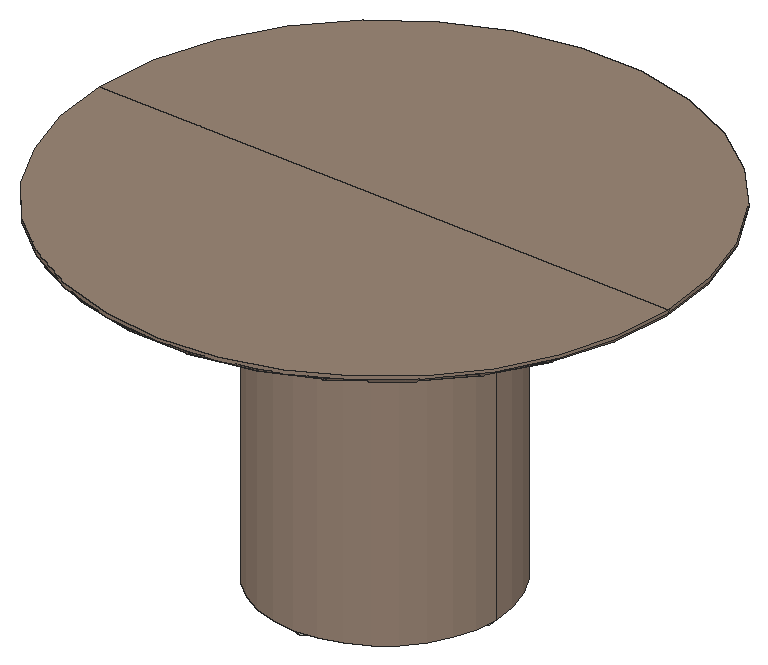
Revit family "Table-Teknion-CFRBKD_Figure_Table_Round_Drum_Base_Butter_Knife_Edge-R2023", category Furniture, Revit 2023 (continued)
Definition of nested family "7 Inch Compact Recessed Access Door"
  Forms (in)
    SweptBlend 7, solid, material <- "Finish"
      profile origin (1350, -150, 28.30172) x (-1, 0, 0) y (0, -1, 0)
        loop
          line (-2.98819, -2.60628) -> (2.98819, -2.60628)
          arc (2.98819, -2.60628) -> (3.21645, -2.51173) -> (3.311, -2.28346) r 0.32281
          line (3.311, -2.28346) -> (3.311, 2.28346)
          arc (3.311, 2.28346) -> (3.21645, 2.51173) -> (2.98819, 2.60628) r 0.32281
      end profile origin (1350, -150, 29.06) x (-1, 0, 0) y (0, -1, 0)
        loop
          line (2.98819, 2.64602) -> (-2.98819, 2.64602)
          arc (-2.98819, 2.64602) -> (-3.24455, 2.53983) -> (-3.35074, 2.28346) r 0.36255
          line (-3.35074, 2.28346) -> (-3.35074, -2.28346)
          arc (-3.35074, -2.28346) -> (-3.24455, -2.53983) -> (-2.98819, -2.64602) r 0.36255
          line (-2.98819, -2.64602) -> (2.98819, -2.64602)
          arc (2.98819, -2.64602) -> (3.24455, -2.53983) -> (3.35074, -2.28346) r 0.36255
          line (3.35074, -2.28346) -> (3.35074, 2.28346)
          arc (3.35074, 2.28346) -> (3.24455, 2.53983) -> (2.98819, 2.64602) r 0.36255
    SweptBlend 8, void
      path origin (0, -150, 0) x (1, 0, 0) y (0, 0, 1)
        loop
          line (1350, 28.30172) -> (1350, 29.13087)
      profile origin (1350, -150, 28.30172) x (-1, 0, 0) y (0, -1, 0)
        loop
          arc (-2.98819, 2.51573) -> (-3.15242, 2.4477) -> (-3.22045, 2.28346) r 0.23226
          line (-3.22045, 2.28346) -> (-3.22045, -2.28346)
          arc (-3.22045, -2.28346) -> (-3.15242, -2.4477) -> (-2.98819, -2.51573) r 0.23226
          line (-2.98819, -2.51573) -> (2.98819, -2.51573)
          arc (2.98819, -2.51573) -> (3.15242, -2.4477) -> (3.22045, -2.28346) r 0.23226
          line (3.22045, -2.28346) -> (3.22045, 2.28346)
          arc (3.22045, 2.28346) -> (3.15242, 2.4477) -> (2.98819, 2.51573) r 0.23226
          line (2.98819, 2.51573) -> (-2.98819, 2.51573)
      end profile origin (1350, -150, 29.13087) x (-1, 0, 0) y (0, -1, 0)
        loop
          arc (3.26378, 2.28346) -> (3.18306, 2.47834) -> (2.98819, 2.55906) r 0.27559
          line (2.98819, 2.55906) -> (-2.98819, 2.55906)
          arc (-2.98819, 2.55906) -> (-3.18306, 2.47834) -> (-3.26378, 2.28346) r 0.27559
          line (-3.26378, 2.28346) -> (-3.26378, -2.28346)
          arc (-3.26378, -2.28346) -> (-3.18306, -2.47834) -> (-2.98819, -2.55906) r 0.27559
          line (-2.98819, -2.55906) -> (2.98819, -2.55906)
          arc (2.98819, -2.55906) -> (3.18306, -2.47834) -> (3.26378, -2.28346) r 0.27559
          line (3.26378, -2.28346) -> (3.26378, 2.28346)
    Sweep 9, solid, material <- "Finish"
      path origin (0, -150, 0) x (1, 0, 0) y (0, 0, 1)
        loop
          line (1350, 29.13087) -> (1350, 29.06)
      profile origin (1350, -150, 29.09543) x (0, -1, 0) y (1, 0, 0)
        loop
          arc (-2.80315, -3.04331) -> (-2.66708, -3.37181) -> (-2.33858, -3.50787) r 0.46457
          line (-2.33858, -3.50787) -> (2.33858, -3.50787)
          arc (2.33858, -3.50787) -> (2.66708, -3.37181) -> (2.80315, -3.04331) r 0.46457
          line (2.80315, -3.04331) -> (2.80315, 3.04331)
          arc (2.80315, 3.04331) -> (2.66708, 3.37181) -> (2.33858, 3.50787) r 0.46457
          line (2.33858, 3.50787) -> (-2.33858, 3.50787)
          arc (-2.33858, 3.50787) -> (-2.66708, 3.37181) -> (-2.80315, 3.04331) r 0.46457
          line (-2.80315, 3.04331) -> (-2.80315, -3.04331)
        loop
          arc (-2.55535, -2.98819) -> (-2.47572, -3.18044) -> (-2.28346, -3.26008) r 0.27189
          line (-2.28346, -3.26008) -> (2.28346, -3.26008)
          arc (2.28346, -3.26008) -> (2.47572, -3.18044) -> (2.55535, -2.98819) r 0.27189
          line (2.55535, -2.98819) -> (2.55535, 2.98819)
          arc (2.55535, 2.98819) -> (2.47572, 3.18044) -> (2.28346, 3.26008) r 0.27189
          line (2.28346, 3.26008) -> (-2.28346, 3.26008)
          arc (-2.28346, 3.26008) -> (-2.47572, 3.18044) -> (-2.55535, 2.98819) r 0.27189
          line (-2.55535, 2.98819) -> (-2.55535, -2.98819)
    Sweep 10, solid, material <- "Finish"
      path origin (0, 0, 0) x (1, 0, 0) y (0, 1, 0)
        loop
          line (1347.02362, -150) -> (1346.71891, -150)
      profile origin (1346.87127, -150, 0) x (0, -1, 0) y (0, 0, 1)
        loop
          line (-1.55173, 28.30409) -> (-1.47299, 28.30409) -> (-1.47161, 28.34346) -> (1.47161, 28.34346) -> (1.47299, 28.30409) -> (1.55173, 28.30409) -> (1.53742, 28.71391)
          arc (1.53742, 28.71391) -> (1.46543, 28.87559) -> (1.30134, 28.94189) r 0.23622
          line (1.30134, 28.94189) -> (-1.30134, 28.94189)
          arc (-1.30134, 28.94189) -> (-1.46543, 28.87559) -> (-1.53742, 28.71391) r 0.23622
          line (-1.53742, 28.71391) -> (-1.55173, 28.30409)
    Sweep 11, solid, material <- "Finish"
      path origin (2700, 0, 0) x (-1, 0, 0) y (0, -1, 0)
        loop
          line (1347.02362, 150) -> (1346.71891, 150)
      profile origin (1353.12873, -150, 0) x (0, 1, 0) y (0, 0, 1)
        loop
          line (1.55173, 28.30409) -> (1.53742, 28.71391)
          arc (1.53742, 28.71391) -> (1.46543, 28.87559) -> (1.30134, 28.94189) r 0.23622
          line (1.30134, 28.94189) -> (-1.30134, 28.94189)
          arc (-1.30134, 28.94189) -> (-1.46543, 28.87559) -> (-1.53742, 28.71391) r 0.23622
          line (-1.53742, 28.71391) -> (-1.55173, 28.30409) -> (-1.47299, 28.30409) -> (-1.47161, 28.34346) -> (1.47161, 28.34346) -> (1.47299, 28.30409) -> (1.55173, 28.30409)
    Sweep 12, void
      path origin (0, 0, 0) x (1, 0, 0) y (0, 1, 0)
        loop
          line (1346.93307, -150) -> (1353.06693, -150)
      profile origin (1350, -150, 0) x (0, 1, 0) y (0, 0, 1)
        loop
          line (0.17902, 28.53406) -> (0.19327, 28.94189) -> (-0.19327, 28.94189) -> (-0.17902, 28.53406)
          arc (-0.17902, 28.53406) -> (0, 28.36118) -> (0.17902, 28.53406) r 0.17913
  Cuts and joins
    joined: Sweep 1, Sweep 2, Sweep 3
    SweptBlend 8 cuts SweptBlend 7
    joined: Sweep 6, SweptBlend 7, Sweep 9
    Sweep 12 cuts Sweep 10
    Sweep 12 cuts Sweep 11
  Lines and regions (in)
    Masking region 1
      outline origin (0, 0, 0) x (1, 0, 0) y (0, 1, 0)
        loop
          line (1353.04331, -147.19685) -> (1346.95669, -147.19685)
          arc (1346.95669, -147.19685) -> (1346.62819, -147.33292) -> (1346.49213, -147.66142) r 0.46457
          line (1346.49213, -147.66142) -> (1346.49213, -152.33858)
          arc (1346.49213, -152.33858) -> (1346.62819, -152.66708) -> (1346.95669, -152.80315) r 0.46457
          line (1346.95669, -152.80315) -> (1353.04331, -152.80315)
          arc (1353.04331, -152.80315) -> (1353.37181, -152.66708) -> (1353.50787, -152.33858) r 0.46457
          line (1353.50787, -152.33858) -> (1353.50787, -147.66142)
          arc (1353.50787, -147.66142) -> (1353.37181, -147.33292) -> (1353.04331, -147.19685) r 0.46457
        loop
          line (1346.77955, -148.44827) -> (1346.85163, -148.44827) -> (1346.85163, -148.14961)
          arc (1346.85163, -148.14961) -> (1346.88586, -148.06696) -> (1346.9685, -148.03273) r 0.11687
          line (1346.9685, -148.03273) -> (1353.0315, -148.03273)
          arc (1353.0315, -148.03273) -> (1353.11414, -148.06696) -> (1353.14837, -148.14961) r 0.11687
          line (1353.14837, -148.14961) -> (1353.14837, -148.44827) -> (1353.22045, -148.44827) -> (1353.22045, -147.71654)
          arc (1353.22045, -147.71654) -> (1353.15242, -147.5523) -> (1352.98819, -147.48427) r 0.23226
          line (1352.98819, -147.48427) -> (1347.01181, -147.48427)
          arc (1347.01181, -147.48427) -> (1346.84758, -147.5523) -> (1346.77955, -147.71654) r 0.23226
          line (1346.77955, -147.71654) -> (1346.77955, -148.44827)
        loop
          line (1346.77955, -151.55173) -> (1346.77955, -152.28346)
          arc (1346.77955, -152.28346) -> (1346.84758, -152.4477) -> (1347.01181, -152.51573) r 0.23226
          line (1347.01181, -152.51573) -> (1352.98819, -152.51573)
          arc (1352.98819, -152.51573) -> (1353.15242, -152.4477) -> (1353.22045, -152.28346) r 0.23226
          line (1353.22045, -152.28346) -> (1353.22045, -151.55173) -> (1353.14837, -151.55173) -> (1353.14837, -151.85039)
          arc (1353.14837, -151.85039) -> (1353.11414, -151.93304) -> (1353.0315, -151.96727) r 0.11687
          line (1353.0315, -151.96727) -> (1346.9685, -151.96727)
          arc (1346.9685, -151.96727) -> (1346.88586, -151.93304) -> (1346.85163, -151.85039) r 0.11687
          line (1346.85163, -151.85039) -> (1346.85163, -151.55173) -> (1346.77955, -151.55173)
    symbolic lines
      curve 1: line (1346.73992, -152.28346, 0) -> (1346.73992, -147.71654, 0)
      curve 2: line (1347.01181, -147.44465, 0) -> (1352.98819, -147.44465, 0)
      curve 3: arc (1346.73992, -147.71654, 0) -> (1346.81956, -147.52428, 0) -> (1347.01181, -147.44465, 0) r 0.27189
      curve 4: line (1353.26008, -147.71654, 0) -> (1353.26008, -152.28346, 0)
      curve 5: arc (1352.98819, -147.44465, 0) -> (1353.18044, -147.52428, 0) -> (1353.26008, -147.71654, 0) r 0.27189
      curve 6: line (1352.98819, -152.55535, 0) -> (1347.01181, -152.55535, 0)
      curve 7: arc (1353.26008, -152.28346, 0) -> (1353.18044, -152.47572, 0) -> (1352.98819, -152.55535, 0) r 0.27189
      curve 8: arc (1347.01181, -152.55535, 0) -> (1346.81956, -152.47572, 0) -> (1346.73992, -152.28346, 0) r 0.27189
      curve 9: line (1346.85163, -148.14961, 0) -> (1346.85163, -151.85039, 0)
      curve 10: line (1353.14837, -151.85039, 0) -> (1353.14837, -148.14961, 0)
      curve 11: line (1346.77955, -147.71654, 0) -> (1346.77955, -152.28346, 0)
      curve 12: line (1353.22045, -147.71654, 0) -> (1353.22045, -152.28346, 0)
      curve 47: line (1346.85163, -148.14961, 0) -> (1346.85163, -151.85039, 0)
      curve 48: line (1353.0315, -148.03273, 0) -> (1346.9685, -148.03273, 0)
      curve 49: arc (1346.9685, -148.03273, 0) -> (1346.88586, -148.06696, 0) -> (1346.85163, -148.14961, 0) r 0.11687
      curve 50: line (1353.14837, -151.85039, 0) -> (1353.14837, -148.14961, 0)
      curve 51: arc (1353.14837, -148.14961, 0) -> (1353.11414, -148.06696, 0) -> (1353.0315, -148.03273, 0) r 0.11687
      curve 52: line (1346.9685, -151.96727, 0) -> (1353.0315, -151.96727, 0)
      curve 53: arc (1353.0315, -151.96727, 0) -> (1353.11414, -151.93304, 0) -> (1353.14837, -151.85039, 0) r 0.11687
      curve 54: arc (1346.85163, -151.85039, 0) -> (1346.88586, -151.93304, 0) -> (1346.9685, -151.96727, 0) r 0.11687
      curve 55: line (1346.77955, -152.28346, 0) -> (1346.77955, -151.55173, 0)
      curve 56: line (1352.98819, -152.51573, 0) -> (1347.01181, -152.51573, 0)
      curve 57: arc (1347.01181, -152.51573, 0) -> (1346.84758, -152.4477, 0) -> (1346.77955, -152.28346, 0) r 0.23226
      curve 58: line (1353.22045, -151.55173, 0) -> (1353.22045, -152.28346, 0)
      curve 59: arc (1353.22045, -152.28346, 0) -> (1353.15242, -152.4477, 0) -> (1352.98819, -152.51573, 0) r 0.23226
      curve 60: line (1346.77955, -148.44827, 0) -> (1346.77955, -147.71654, 0)
      curve 61: line (1347.01181, -147.48427, 0) -> (1352.98819, -147.48427, 0)
      curve 62: arc (1346.77955, -147.71654, 0) -> (1346.84758, -147.5523, 0) -> (1347.01181, -147.48427, 0) r 0.23226
      curve 63: line (1353.22045, -147.71654, 0) -> (1353.22045, -148.44827, 0)
      curve 64: arc (1352.98819, -147.48427, 0) -> (1353.15242, -147.5523, 0) -> (1353.22045, -147.71654, 0) r 0.23226
      curve 65: line (1353.04331, -147.19685, 0) -> (1346.95669, -147.19685, 0)
      curve 66: arc (1346.95669, -147.19685, 0) -> (1346.62819, -147.33292, 0) -> (1346.49213, -147.66142, 0) r 0.46457
      curve 67: line (1346.49213, -147.66142, 0) -> (1346.49213, -152.33858, 0)
      curve 68: arc (1346.49213, -152.33858, 0) -> (1346.62819, -152.66708, 0) -> (1346.95669, -152.80315, 0) r 0.46457
      curve 69: line (1346.95669, -152.80315, 0) -> (1353.04331, -152.80315, 0)
      curve 70: arc (1353.04331, -152.80315, 0) -> (1353.37181, -152.66708, 0) -> (1353.50787, -152.33858, 0) r 0.46457
      curve 71: line (1353.50787, -152.33858, 0) -> (1353.50787, -147.66142, 0)
      curve 72: arc (1353.50787, -147.66142, 0) -> (1353.37181, -147.33292, 0) -> (1353.04331, -147.19685, 0) r 0.46457
    symbolic lines, detail levels medium+fine
      curve 13: line (1347.54528, -150.97283, 0) -> (1348.02559, -150.97283, 0)
      curve 14: line (1348.02559, -150.97283, 0) -> (1348.02559, -151.5626, 0)
      curve 15: line (1348.02559, -151.5626, 0) -> (1347.54528, -151.5626, 0)
      curve 16: line (1347.54528, -151.5626, 0) -> (1347.54528, -150.97283, 0)
      curve 17: line (1351.97441, -148.4374, 0) -> (1352.45472, -148.4374, 0)
      curve 18: line (1351.97441, -149.02717, 0) -> (1351.97441, -148.4374, 0)
      curve 19: line (1352.45472, -149.02717, 0) -> (1351.97441, -149.02717, 0)
      curve 20: line (1352.45472, -148.4374, 0) -> (1352.45472, -149.02717, 0)
      curve 21: line (1347.05512, -148.44685, 0) -> (1347.47244, -148.44685, 0)
      curve 22: line (1347.05512, -151.55315, 0) -> (1347.05512, -148.44685, 0)
      curve 23: line (1347.47244, -151.55315, 0) -> (1347.05512, -151.55315, 0)
      curve 24: line (1347.47244, -148.44685, 0) -> (1347.47244, -151.55315, 0)
      curve 25: line (1347.02362, -151.55173, 0) -> (1346.73992, -151.55173, 0)
      curve 26: line (1347.02362, -151.55173, 0) -> (1347.02362, -148.44827, 0)
      curve 27: line (1347.02362, -148.44827, 0) -> (1346.73992, -148.44827, 0)
      curve 28: line (1346.77955, -148.55314, 0) -> (1347.41732, -148.55314, 0)
      curve 29: line (1347.41732, -148.55314, 0) -> (1347.41732, -151.44686, 0)
      curve 30: line (1347.41732, -151.44686, 0) -> (1346.77955, -151.44686, 0)
      curve 31: line (1347.02362, -149.80673, 0) -> (1346.93307, -149.80673, 0)
      curve 32: line (1346.93307, -149.80673, 0) -> (1346.93307, -150.19327, 0)
      curve 33: line (1346.93307, -150.19327, 0) -> (1347.02362, -150.19327, 0)
      curve 34: line (1352.94488, -148.44685, 0) -> (1352.52756, -148.44685, 0)
      curve 35: line (1352.94488, -151.55315, 0) -> (1352.94488, -148.44685, 0)
      curve 36: line (1352.52756, -151.55315, 0) -> (1352.94488, -151.55315, 0)
      curve 37: line (1352.52756, -148.44685, 0) -> (1352.52756, -151.55315, 0)
      curve 38: line (1352.97638, -151.55173, 0) -> (1353.26008, -151.55173, 0)
      curve 39: line (1352.97638, -151.55173, 0) -> (1352.97638, -148.44827, 0)
      curve 40: line (1352.97638, -148.44827, 0) -> (1353.26008, -148.44827, 0)
      curve 41: line (1353.22045, -148.55314, 0) -> (1352.58268, -148.55314, 0)
      curve 42: line (1352.58268, -148.55314, 0) -> (1352.58268, -151.44686, 0)
      curve 43: line (1352.58268, -151.44686, 0) -> (1353.22045, -151.44686, 0)
      curve 44: line (1352.97638, -149.80673, 0) -> (1353.06693, -149.80673, 0)
      curve 45: line (1353.06693, -149.80673, 0) -> (1353.06693, -150.19327, 0)
      curve 46: line (1353.06693, -150.19327, 0) -> (1352.97638, -150.19327, 0)
  Dimensions and locks (in)
    plane 4 "Left" to plane 5 "Right" = 7.01575"
    plane 6 "Back" to plane 7 "Front" = 5.6063"
    locked: plane 8 "Top" to level at 29.06
    equal spacing: plane 7 "Front", plane 1 "Center Front/Back", plane 6 "Back"
    equal spacing: plane 4 "Left", plane 3 "Center Left/Right", plane 5 "Right"
    plane 9 to plane 8 "Top" to plane 10 = 0.07087" locked, 1.50394" locked
    aligned and locked: level to plane 2
    aligned and locked: Sweep 6 sketch curve to plane 3 "Center Left/Right"
    aligned and locked: plane 3 "Center Left/Right" to SweptBlend 8 sketch curve
    aligned and locked: Sweep 10 sketch curve to plane 1 "Center Front/Back"
  Automatic sketch dimensions
    Sweep 1 sketch curve to plane 3 "Center Left/Right" = 0.000"
    Sweep 1 sketch curve to plane 8 "Top" = 0.12598"
    plane 8 "Top" to Sweep 1 sketch curve = 0.0315"
    Sweep 1 sketch curve to plane 1 "Center Front/Back" = 1.96727"
    Sweep 1 sketch curve to Sweep 1 sketch curve = 0.11687"  (x3)
    plane 1 "Center Front/Back" to Sweep 1 sketch curve = 1.85039"  (x2)
    profile plane to Sweep 1 sketch curve = 3.14837"
    Sweep 1 sketch curve to profile plane = 3.0315"
    plane 4 "Left" to Sweep 2 sketch curve = 1.05315"
    plane 1 "Center Front/Back" to Sweep 2 sketch curve = 0.97077"
    Sweep 2 sketch curve to Sweep 2 sketch curve = 0.48031"
    Sweep 2 sketch curve to profile plane = 0.000"
    profile plane to Sweep 2 sketch curve = 0.01169"
    Sweep 2 sketch curve to Sweep 2 sketch curve = 0.28526"
    Sweep 2 sketch curve to Sweep 2 sketch curve = 0.01169"
    level to Sweep 2 sketch curve = 28.65831"
    Sweep 2 sketch curve to Sweep 2 sketch curve = 0.33476"
    plane 5 "Right" to Sweep 3 sketch curve = 1.53346"
    Sweep 3 sketch curve to plane 6 "Back" = 1.23848"
    Sweep 3 sketch curve to Sweep 3 sketch curve = 0.48031"
    Sweep 3 sketch curve to profile plane = 0.000"
    profile plane to Sweep 3 sketch curve = 0.01169"
    Sweep 3 sketch curve to Sweep 3 sketch curve = 0.28526"
    Sweep 3 sketch curve to Sweep 3 sketch curve = 0.01169"
    level to Sweep 3 sketch curve = 28.65831"
    Sweep 3 sketch curve to Sweep 3 sketch curve = 0.33476"
    plane 1 "Center Front/Back" to Sweep 4 sketch curve = 0.000"
    plane 4 "Left" to Sweep 4 sketch curve = 0.56299"
    Sweep 4 sketch curve to Sweep 4 sketch curve = 0.41732"
    Sweep 4 sketch curve to Sweep 4 sketch curve = 0.000"  (x4)
    profile plane to Sweep 4 sketch curve = 1.26772"
    Sweep 4 sketch curve to profile plane = 1.26772"
    level to Sweep 4 sketch curve = 28.38283"
    Sweep 4 sketch curve to Sweep 4 sketch curve = 0.28543"
    plane 1 "Center Front/Back" to Sweep 5 sketch curve = 0.000"
    plane 5 "Right" to Sweep 5 sketch curve = 0.56299"
    Sweep 5 sketch curve to Sweep 5 sketch curve = 0.41732"
    Sweep 5 sketch curve to Sweep 5 sketch curve = 0.000"  (x4)
    profile plane to Sweep 5 sketch curve = 1.26772"
    Sweep 5 sketch curve to profile plane = 1.26772"
    level to Sweep 5 sketch curve = 28.38283"
    Sweep 5 sketch curve to Sweep 5 sketch curve = 0.28543"
    Sweep 6 sketch curve to plane 10 = 0.000"
    Sweep 6 sketch curve to Sweep 6 sketch curve = 0.74566"
    Sweep 6 sketch curve to Sweep 6 sketch curve = 0.000"  (x8)
    Sweep 6 sketch curve to plane 1 "Center Front/Back" = 2.60628"
    Sweep 6 sketch curve to Sweep 6 sketch curve = 0.09055"  (x2)
    Sweep 6 sketch curve to Sweep 6 sketch curve = 0.23226"  (x3)
    Sweep 6 sketch curve to Sweep 6 sketch curve = 0.8366"  (x4)
    Sweep 6 sketch curve to Sweep 6 sketch curve = 0.09061"  (x4)
    plane 1 "Center Front/Back" to Sweep 6 sketch curve = 1.35626"  (x2)
    profile plane to Sweep 6 sketch curve = 3.311"
    Sweep 6 sketch curve to Sweep 6 sketch curve = 0.63777"
    Sweep 6 sketch curve to profile plane = 2.58268"
    Sweep 6 sketch curve to Sweep 6 sketch curve = 0.40551"
    SweptBlend 7 sketch curve to plane 3 "Center Left/Right" = 0.000"
    SweptBlend 7 sketch curve to plane 8 "Top" = 0.000"
    plane 10 to SweptBlend 7 sketch curve = 0.74566"
    profile plane to SweptBlend 7 sketch curve = 3.311"
    SweptBlend 7 sketch curve to SweptBlend 7 sketch curve = 0.32281"  (x3)
    SweptBlend 7 sketch curve to profile plane = 2.98819"  (x4)
    SweptBlend 7 sketch curve to plane 1 "Center Front/Back" = 2.60628"
    plane 1 "Center Front/Back" to SweptBlend 7 sketch curve = 2.28346"  (x2)
    profile plane to SweptBlend 7 sketch curve = 3.35074"
    SweptBlend 7 sketch curve to SweptBlend 7 sketch curve = 0.36255"  (x3)
    SweptBlend 7 sketch curve to plane 1 "Center Front/Back" = 2.64602"
    SweptBlend 8 sketch curve to plane 9 = 0.000"
    plane 10 to SweptBlend 8 sketch curve = 0.74566"
    profile plane to SweptBlend 8 sketch curve = 3.22045"
    SweptBlend 8 sketch curve to SweptBlend 8 sketch curve = 0.23226"  (x3)
    SweptBlend 8 sketch curve to profile plane = 2.98819"  (x4)
    SweptBlend 8 sketch curve to plane 1 "Center Front/Back" = 2.51573"
    plane 1 "Center Front/Back" to SweptBlend 8 sketch curve = 2.28346"  (x2)
    profile plane to SweptBlend 8 sketch curve = 3.26378"
    SweptBlend 8 sketch curve to SweptBlend 8 sketch curve = 0.27559"  (x3)
    SweptBlend 8 sketch curve to plane 1 "Center Front/Back" = 2.28346"
    Sweep 9 sketch curve to plane 3 "Center Left/Right" = 0.000"
    Sweep 9 sketch curve to plane 8 "Top" = 0.000"
    Sweep 9 sketch curve to plane 9 = 0.000"
    Sweep 9 sketch curve to plane 1 "Center Front/Back" = 2.80315"
    Sweep 9 sketch curve to Sweep 9 sketch curve = 0.2478"  (x2)
    Sweep 9 sketch curve to Sweep 9 sketch curve = 0.21677"  (x4)
    Sweep 9 sketch curve to Sweep 9 sketch curve = 0.05512"  (x5)
    plane 1 "Center Front/Back" to Sweep 9 sketch curve = 2.28346"  (x2)
    profile plane to Sweep 9 sketch curve = 3.50787"
    Sweep 9 sketch curve to profile plane = 2.98819"
    plane 4 "Left" to Sweep 10 sketch curve = 0.22679"
    Sweep 10 sketch curve to Sweep 10 sketch curve = 0.30471"
    profile plane to Sweep 10 sketch curve = 1.55173"
    Sweep 10 sketch curve to Sweep 10 sketch curve = 0.01431"
    Sweep 10 sketch curve to Sweep 10 sketch curve = 0.07874"  (x2)
    Sweep 10 sketch curve to Sweep 10 sketch curve = 0.00137"  (x2)
    Sweep 10 sketch curve to Sweep 10 sketch curve = 0.23608"  (x2)
    Sweep 10 sketch curve to profile plane = 1.30134"
    Sweep 10 sketch curve to Sweep 10 sketch curve = 0.17027"
    level to Sweep 10 sketch curve = 28.30409"
    Sweep 10 sketch curve to Sweep 10 sketch curve = 0.000"
    Sweep 10 sketch curve to Sweep 10 sketch curve = 0.03937"
    Sweep 10 sketch curve to Sweep 10 sketch curve = 0.3622"  (x2)
    Sweep 10 sketch curve to Sweep 10 sketch curve = 0.00824"
    plane 1 "Center Front/Back" to Sweep 11 sketch curve = 0.000"
    plane 5 "Right" to Sweep 11 sketch curve = 0.22679"
    Sweep 11 sketch curve to Sweep 11 sketch curve = 0.30471"
    profile plane to Sweep 11 sketch curve = 1.55173"
    Sweep 11 sketch curve to Sweep 11 sketch curve = 0.01431"
    Sweep 11 sketch curve to Sweep 11 sketch curve = 0.07874"  (x2)
    Sweep 11 sketch curve to Sweep 11 sketch curve = 0.00137"  (x2)
    Sweep 11 sketch curve to Sweep 11 sketch curve = 0.23608"  (x2)
    Sweep 11 sketch curve to profile plane = 1.30134"
    Sweep 11 sketch curve to Sweep 11 sketch curve = 0.17027"
    level to Sweep 11 sketch curve = 28.30409"
    Sweep 11 sketch curve to Sweep 11 sketch curve = 0.000"
    Sweep 11 sketch curve to Sweep 11 sketch curve = 0.03937"
    Sweep 11 sketch curve to Sweep 11 sketch curve = 0.3622"  (x2)
    Sweep 11 sketch curve to Sweep 11 sketch curve = 0.00824"
    plane 1 "Center Front/Back" to Sweep 12 sketch curve = 0.000"
    plane 4 "Left" to Sweep 12 sketch curve = 0.44094"
    plane 5 "Right" to Sweep 12 sketch curve = 0.44094"
    profile plane to Sweep 12 sketch curve = 0.19327"
    Sweep 12 sketch curve to profile plane = 0.17902"
    Sweep 12 sketch curve to profile plane = 0.19327"
    Sweep 12 sketch curve to Sweep 12 sketch curve = 0.40783"  (x2)
    level to Sweep 12 sketch curve = 28.53406"
    profile plane to Sweep 12 sketch curve = 0.17902"
    Sweep 12 sketch curve to Sweep 12 sketch curve = 0.00625"
    Masking region 1 sketch curve to plane 4 "Left" = 0.000"
    Masking region 1 sketch curve to plane 6 "Back" = 0.000"
    plane 7 "Front" to Masking region 1 sketch curve = 0.000"
    Masking region 1 sketch curve to plane 5 "Right" = 0.000"
    plane 4 "Left" to Masking region 1 sketch curve = 0.28742"  (x2)
    Masking region 1 sketch curve to Masking region 1 sketch curve = 0.07208"  (x3)
    Masking region 1 sketch curve to Masking region 1 sketch curve = 0.17714"  (x2)
    plane 4 "Left" to Masking region 1 sketch curve = 0.46457"
    Masking region 1 sketch curve to Masking region 1 sketch curve = 0.11687"  (x4)
    Masking region 1 sketch curve to Masking region 1 sketch curve = 0.05512"  (x5)
    Masking region 1 sketch curve to plane 7 "Front" = 0.28742"
    plane 5 "Right" to Masking region 1 sketch curve = 0.51969"  (x2)
    Masking region 1 sketch curve to Masking region 1 sketch curve = 0.04331"  (x2)
    Masking region 1 sketch curve to Masking region 1 sketch curve = 0.3162"
    Masking region 1 sketch curve to Masking region 1 sketch curve = 0.29867"  (x3)
    Masking region 1 sketch curve to Masking region 1 sketch curve = 0.78686"  (x2)
    plane 4 "Left" to curve 1 = 0.2478"
    curve 31 to plane 1 "Center Front/Back" = 0.19327"
    plane 4 "Left" to curve 31 = 0.44094"
    curve 3 to curve 3 = 0.27189"
    curve 6 to plane 7 "Front" = 0.2478"
    curve 8 to curve 6 = 0.27189"
    curve 25 to curve 26 = 0.2837"
    curve 25 to curve 23 = 0.0315"
    curve 21 to curve 29 = 0.3622"
    curve 29 to curve 23 = 0.05512"
    curve 29 to curve 16 = 0.12795"
    curve 15 to curve 15 = 0.48031"
    plane 5 "Right" to curve 17 = 1.53346"
    curve 18 to curve 20 = 0.48031"
    plane 5 "Right" to curve 37 = 0.98031"
    curve 34 to curve 41 = 0.05512"
    curve 41 to curve 35 = 0.3622"
    curve 34 to curve 40 = 0.0315"
    curve 2 to plane 6 "Back" = 0.2478"
    plane 5 "Right" to curve 2 = 0.51969"
    plane 5 "Right" to curve 7 = 0.51969"
    curve 46 to curve 45 = 0.09055"
    plane 5 "Right" to curve 4 = 0.2478"
    curve 7 to curve 36 = 0.73031"
    curve 15 to curve 24 = 0.00945"
    curve 22 to curve 26 = 0.00142"
    curve 35 to curve 38 = 0.00142"
    curve 36 to curve 43 = 0.10628"
    curve 23 to curve 30 = 0.10628"
    curve 14 to curve 13 = 0.58977"
    plane 1 "Center Front/Back" to curve 32 = 0.19327"
    plane 1 "Center Front/Back" to curve 46 = 0.19327"
    curve 44 to plane 1 "Center Front/Back" = 0.19327"
    curve 44 to curve 19 = 0.77956"
    curve 19 to curve 42 = 0.47404"
    curve 28 to curve 26 = 0.10486"
    curve 41 to curve 39 = 0.10486"
    curve 39 to curve 34 = 0.00142"
    curve 26 to curve 21 = 0.00142"
    curve 34 to curve 17 = 0.00945"
    curve 25 to curve 9 = 0.11171"
    curve 10 to curve 40 = 0.11171"
    curve 12 to curve 7 = 0.03963"
    curve 8 to curve 11 = 0.000"
    curve 10 to curve 38 = 0.29867"
    curve 9 to curve 25 = 0.29867"
    curve 40 to curve 10 = 0.29867"
    curve 27 to curve 9 = 0.29867"
    curve 3 to curve 11 = 0.000"
    curve 12 to curve 5 = 0.000"
    curve 49 to curve 49 = 0.11687"
    curve 48 to curve 10 = 0.11687"
    curve 53 to curve 53 = 0.11687"
    curve 9 to curve 52 = 0.11687"
    curve 8 to curve 57 = 0.000"
    curve 56 to curve 6 = 0.000"
    curve 3 to curve 62 = 0.000"
    curve 61 to curve 2 = 0.000"
    curve 67 to plane 4 "Left" = 0.000"
    curve 65 to plane 6 "Back" = 0.000"
    plane 7 "Front" to curve 68 = 0.000"
    curve 70 to plane 5 "Right" = 0.000"
    curve 65 to curve 2 = 0.05512"
    curve 68 to curve 8 = 0.05512"
    curve 5 to curve 72 = 0.05512"
    curve 7 to curve 70 = 0.05512"
Definition of nested family "12 Inch Standard Recessed Access Door"
  Parameters (values of type "12 Inch Compact Recessed Access Door")
    Warranty = "http://www.teknion.com/ca/papers/legal-canada"
    Unit Weight URL = "http://www.teknion.com/ca/tools/assets#&asset=bee6a381-b954-425e-8283-5a2de3a804f2,f828d448-4b62-4231-9e5f-9a8991c0ed77"
    URL = "www.teknion.com"
    To render please download texture images found here [instance] = "https://assets.teknion.com/web/5e81352c1dfdb467/revit-material-swatches/"
    Sustainability Data = "https://www.teknion.com/ca/tools/assets#&topic=216f99a5-57a0-44fc-b10a-9dee9b29ae4c&asset=444deb64-fe58-4b68-981e-f75e97781df7,b4ff2d81-9f2e-437d-9659-7cffb09c31cf"
    Series = ""
    Product Page URL = ""
    Product Line = ""
    Product Documentation Link = ""
    Part Number = ""
    Model = "1"
    Manufacturer Phone = "416-661-3370"  # constant formula
    Manufacturer Fax = "416.661.4586"  # constant formula
    Manufacturer Contact Information = "http://www.teknion.com/ca/contactus"
    Manufacturer Address = "1150 Flint Road, Toronto, ON. M3J 2J5. Canada"  # constant formula
    Manufacturer = "Teknion"  # constant formula
    How To Use Teknion Materials User Guide [instance] = "https://assets.teknion.com/m/205dd0a49fa58060/original/How-to-add-a-Material-Library-and-Texture-Images-to-your-Revit-project.pdf"
    For Additional Finishes please visit [instance] = "https://assets.teknion.com/m/44a8009b046e5d47/original/Teknion_Materials_Library.zip"
    Finish [instance] = none
    Description = "12 Inch Compact Recessed Access Door"
    Default Elevation = 0.000"
    Assembly Code = "E2020200"
  Reference planes (in)
    plane 1 "Center Front/Back": y = -150
    plane 2: z = 0
    plane 3 "Center Left/Right": x = 1350
    plane 4 "Left": x = 1343.97244
    plane 5 "Right": x = 1356.02756
    plane 6 "Back": y = -147.19685
    plane 7 "Front": y = -152.80315
    plane 8 "Top": z = 29.06
    plane 9: z = 29.13087
    plane 10: z = 27.55606
  Forms (in)
    Sweep 1, solid, material <- "Finish"
      path origin (0, -150, 0) x (1, 0, 0) y (0, 0, 1)
        loop
          line (1350, 29.0915) -> (1350, 28.93402)
      profile origin (1350, -150, 29.01276) x (0, -1, 0) y (1, 0, 0)
        loop
          line (-1.96727, 5.55118) -> (-1.96727, -5.55118)
          arc (-1.96727, -5.55118) -> (-1.93304, -5.63382) -> (-1.85039, -5.66805) r 0.11687
          line (-1.85039, -5.66805) -> (1.85039, -5.66805)
          arc (1.85039, -5.66805) -> (1.93304, -5.63382) -> (1.96727, -5.55118) r 0.11687
          line (1.96727, -5.55118) -> (1.96727, 5.55118)
          arc (1.96727, 5.55118) -> (1.93304, 5.63382) -> (1.85039, 5.66805) r 0.11687
          line (1.85039, 5.66805) -> (-1.85039, 5.66805)
          arc (-1.85039, 5.66805) -> (-1.93304, 5.63382) -> (-1.96727, 5.55118) r 0.11687
    Sweep 2, solid, material <- "Finish"
      path origin (0, 0, 0) x (1, 0, 0) y (0, 1, 0)
        loop
          line (1345.02559, -150.97077) -> (1345.50591, -150.97077)
      profile origin (1345.26575, -150.97077, 0) x (0, 1, 0) y (0, 0, 1)
        loop
          arc (-0.58221, 28.65831) -> (-0.29695, 28.37305) -> (-0.01169, 28.65831) r 0.28526
          line (-0.01169, 28.65831) -> (0, 28.99307) -> (-0.5939, 28.99307) -> (-0.58221, 28.65831)
    Sweep 3, solid, material <- "Finish"
      path origin (4.42913, 2.53543, 0) x (1, 0, 0) y (0, 1, 0)
        loop
          line (1350.06496, -150.97077) -> (1350.54528, -150.97077)
      profile origin (1354.73425, -148.43533, 0) x (0, 1, 0) y (0, 0, 1)
        loop
          arc (-0.58221, 28.65831) -> (-0.29695, 28.37305) -> (-0.01169, 28.65831) r 0.28526
          line (-0.01169, 28.65831) -> (0, 28.99307) -> (-0.5939, 28.99307) -> (-0.58221, 28.65831)
    Sweep 4, solid, material <- "Finish"
      path origin (0, 0, 0) x (1, 0, 0) y (0, 1, 0)
        loop
          line (1344.95276, -150) -> (1344.53543, -150)
      profile origin (1344.74409, -150, 0) x (0, -1, 0) y (0, 0, 1)
        loop
          line (1.26772, 28.9537) -> (-1.26772, 28.9537)
          arc (-1.26772, 28.9537) -> (-1.46955, 28.8701) -> (-1.55315, 28.66827) r 0.28543
          arc (-1.55315, 28.66827) -> (-1.46955, 28.46644) -> (-1.26772, 28.38283) r 0.28543
          line (-1.26772, 28.38283) -> (1.26772, 28.38283)
          arc (1.26772, 28.38283) -> (1.46955, 28.46644) -> (1.55315, 28.66827) r 0.28543
          arc (1.55315, 28.66827) -> (1.46955, 28.8701) -> (1.26772, 28.9537) r 0.28543
    Sweep 5, solid, material <- "Finish"
      path origin (2700, 0, 0) x (-1, 0, 0) y (0, -1, 0)
        loop
          line (1344.95276, 150) -> (1344.53543, 150)
      profile origin (1355.25591, -150, 0) x (0, 1, 0) y (0, 0, 1)
        loop
          arc (-1.26772, 28.9537) -> (-1.46955, 28.8701) -> (-1.55315, 28.66827) r 0.28543
          arc (-1.55315, 28.66827) -> (-1.46955, 28.46644) -> (-1.26772, 28.38283) r 0.28543
          line (-1.26772, 28.38283) -> (1.26772, 28.38283)
          arc (1.26772, 28.38283) -> (1.46955, 28.46644) -> (1.55315, 28.66827) r 0.28543
          arc (1.55315, 28.66827) -> (1.46955, 28.8701) -> (1.26772, 28.9537) r 0.28543
          line (1.26772, 28.9537) -> (-1.26772, 28.9537)
    Sweep 6, solid, material <- "Finish"
      path origin (0, -150, 0) x (1, 0, 0) y (0, 0, 1)
        loop
          line (1350, 28.30172) -> (1350, 27.55606)
      profile origin (1350, -150, 27.92889) x (0, -1, 0) y (1, 0, 0)
        loop
          line (1.35626, -5.83069) -> (2.28346, -5.83069)
          arc (2.28346, -5.83069) -> (2.51173, -5.73614) -> (2.60628, -5.50787) r 0.32281
          line (2.60628, -5.50787) -> (2.60628, 5.50787)
          arc (2.60628, 5.50787) -> (2.51173, 5.73614) -> (2.28346, 5.83069) r 0.32281
          line (2.28346, 5.83069) -> (1.35626, 5.83069) -> (-1.35626, 5.83069) -> (-2.28346, 5.83069)
          arc (-2.28346, 5.83069) -> (-2.51173, 5.73614) -> (-2.60628, 5.50787) r 0.32281
          line (-2.60628, 5.50787) -> (-2.60628, -5.50787)
          arc (-2.60628, -5.50787) -> (-2.51173, -5.73614) -> (-2.28346, -5.83069) r 0.32281
          line (-2.28346, -5.83069) -> (-1.35626, -5.83069) -> (1.35626, -5.83069)
        loop
          arc (2.28346, -5.74014) -> (2.4477, -5.67211) -> (2.51573, -5.50787) r 0.23226
          line (2.51573, -5.50787) -> (2.51573, 5.50787)
          arc (2.51573, 5.50787) -> (2.4477, 5.67211) -> (2.28346, 5.74014) r 0.23226
          line (2.28346, 5.74014) -> (1.44686, 5.74014) -> (1.44686, 5.10236) -> (-1.44686, 5.10236) -> (-1.44686, 5.74014) -> (-2.28346, 5.74014)
          arc (-2.28346, 5.74014) -> (-2.4477, 5.67211) -> (-2.51573, 5.50787) r 0.23226
          line (-2.51573, 5.50787) -> (-2.51573, -5.50787)
          arc (-2.51573, -5.50787) -> (-2.4477, -5.67211) -> (-2.28346, -5.74014) r 0.23226
          line (-2.28346, -5.74014) -> (-1.44686, -5.74014) -> (-1.44686, -5.10236) -> (1.44686, -5.10236) -> (1.44686, -5.74014) -> (2.28346, -5.74014)
    SweptBlend 7, solid, material <- "Finish"
      path origin (0, -150, 0) x (1, 0, 0) y (0, 0, 1)
        loop
          line (1350, 28.30172) -> (1350, 29.06)
      profile origin (1350, -150, 28.30172) x (-1, 0, 0) y (0, -1, 0)
        loop
          line (5.50787, 2.60628) -> (-5.50787, 2.60628)
          arc (-5.50787, 2.60628) -> (-5.73614, 2.51173) -> (-5.83069, 2.28346) r 0.32281
          line (-5.83069, 2.28346) -> (-5.83069, -2.28346)
          arc (-5.83069, -2.28346) -> (-5.73614, -2.51173) -> (-5.50787, -2.60628) r 0.32281
          line (-5.50787, -2.60628) -> (5.50787, -2.60628)
          arc (5.50787, -2.60628) -> (5.73614, -2.51173) -> (5.83069, -2.28346) r 0.32281
          line (5.83069, -2.28346) -> (5.83069, 2.28346)
          arc (5.83069, 2.28346) -> (5.73614, 2.51173) -> (5.50787, 2.60628) r 0.32281
      end profile origin (1350, -150, 29.06) x (-1, 0, 0) y (0, -1, 0)
        loop
          line (5.50787, 2.64602) -> (-5.50787, 2.64602)
          arc (-5.50787, 2.64602) -> (-5.76424, 2.53983) -> (-5.87043, 2.28346) r 0.36255
          line (-5.87043, 2.28346) -> (-5.87043, -2.28346)
          arc (-5.87043, -2.28346) -> (-5.76424, -2.53983) -> (-5.50787, -2.64602) r 0.36255
          line (-5.50787, -2.64602) -> (5.50787, -2.64602)
          arc (5.50787, -2.64602) -> (5.76424, -2.53983) -> (5.87043, -2.28346) r 0.36255
          line (5.87043, -2.28346) -> (5.87043, 2.28346)
          arc (5.87043, 2.28346) -> (5.76424, 2.53983) -> (5.50787, 2.64602) r 0.36255
    SweptBlend 8, void
      path origin (0, -150, 0) x (1, 0, 0) y (0, 0, 1)
        loop
          line (1350, 28.30172) -> (1350, 29.13087)
      profile origin (1350, -150, 28.30172) x (-1, 0, 0) y (0, -1, 0)
        loop
          arc (-5.50787, 2.51573) -> (-5.67211, 2.4477) -> (-5.74014, 2.28346) r 0.23226
          line (-5.74014, 2.28346) -> (-5.74014, -2.28346)
          arc (-5.74014, -2.28346) -> (-5.67211, -2.4477) -> (-5.50787, -2.51573) r 0.23226
          line (-5.50787, -2.51573) -> (5.50787, -2.51573)
          arc (5.50787, -2.51573) -> (5.67211, -2.4477) -> (5.74014, -2.28346) r 0.23226
          line (5.74014, -2.28346) -> (5.74014, 2.28346)
          arc (5.74014, 2.28346) -> (5.67211, 2.4477) -> (5.50787, 2.51573) r 0.23226
          line (5.50787, 2.51573) -> (-5.50787, 2.51573)
      end profile origin (1350, -150, 29.13087) x (-1, 0, 0) y (0, -1, 0)
        loop
          arc (5.78346, 2.28346) -> (5.70275, 2.47834) -> (5.50787, 2.55906) r 0.27559
          line (5.50787, 2.55906) -> (-5.50787, 2.55906)
          arc (-5.50787, 2.55906) -> (-5.70275, 2.47834) -> (-5.78346, 2.28346) r 0.27559
          line (-5.78346, 2.28346) -> (-5.78346, -2.28346)
          arc (-5.78346, -2.28346) -> (-5.70275, -2.47834) -> (-5.50787, -2.55906) r 0.27559
          line (-5.50787, -2.55906) -> (5.50787, -2.55906)
          arc (5.50787, -2.55906) -> (5.70275, -2.47834) -> (5.78346, -2.28346) r 0.27559
          line (5.78346, -2.28346) -> (5.78346, 2.28346)
    Sweep 9, solid, material <- "Finish"
      path origin (0, -150, 0) x (1, 0, 0) y (0, 0, 1)
        loop
          line (1350, 29.13087) -> (1350, 29.06)
      profile origin (1350, -150, 29.09543) x (0, -1, 0) y (1, 0, 0)
        loop
          arc (-2.80315, -5.56299) -> (-2.66708, -5.89149) -> (-2.33858, -6.02756) r 0.46457
          line (-2.33858, -6.02756) -> (2.33858, -6.02756)
          arc (2.33858, -6.02756) -> (2.66708, -5.89149) -> (2.80315, -5.56299) r 0.46457
          line (2.80315, -5.56299) -> (2.80315, 5.56299)
          arc (2.80315, 5.56299) -> (2.66708, 5.89149) -> (2.33858, 6.02756) r 0.46457
          line (2.33858, 6.02756) -> (-2.33858, 6.02756)
          arc (-2.33858, 6.02756) -> (-2.66708, 5.89149) -> (-2.80315, 5.56299) r 0.46457
          line (-2.80315, 5.56299) -> (-2.80315, -5.56299)
        loop
          arc (-2.55535, -5.50787) -> (-2.47572, -5.70013) -> (-2.28346, -5.77976) r 0.27189
          line (-2.28346, -5.77976) -> (2.28346, -5.77976)
          arc (2.28346, -5.77976) -> (2.47572, -5.70013) -> (2.55535, -5.50787) r 0.27189
          line (2.55535, -5.50787) -> (2.55535, 5.50787)
          arc (2.55535, 5.50787) -> (2.47572, 5.70013) -> (2.28346, 5.77976) r 0.27189
          line (2.28346, 5.77976) -> (-2.28346, 5.77976)
          arc (-2.28346, 5.77976) -> (-2.47572, 5.70013) -> (-2.55535, 5.50787) r 0.27189
          line (-2.55535, 5.50787) -> (-2.55535, -5.50787)
    Sweep 10, solid, material <- "Finish"
      path origin (0, 0, 0) x (1, 0, 0) y (0, 1, 0)
        loop
          line (1344.50394, -150) -> (1344.19923, -150)
      profile origin (1344.35158, -150, 0) x (0, -1, 0) y (0, 0, 1)
        loop
          line (-1.55173, 28.30409) -> (-1.47299, 28.30409) -> (-1.47161, 28.34346) -> (1.47161, 28.34346) -> (1.47299, 28.30409) -> (1.55173, 28.30409) -> (1.53742, 28.71391)
          arc (1.53742, 28.71391) -> (1.46543, 28.87559) -> (1.30134, 28.94189) r 0.23622
          line (1.30134, 28.94189) -> (-1.30134, 28.94189)
          arc (-1.30134, 28.94189) -> (-1.46543, 28.87559) -> (-1.53742, 28.71391) r 0.23622
          line (-1.53742, 28.71391) -> (-1.55173, 28.30409)
    Sweep 11, solid, material <- "Finish"
      path origin (2700, 0, 0) x (-1, 0, 0) y (0, -1, 0)
        loop
          line (1344.50394, 150) -> (1344.19923, 150)
      profile origin (1355.64842, -150, 0) x (0, 1, 0) y (0, 0, 1)
        loop
          line (1.55173, 28.30409) -> (1.53742, 28.71391)
          arc (1.53742, 28.71391) -> (1.46543, 28.87559) -> (1.30134, 28.94189) r 0.23622
          line (1.30134, 28.94189) -> (-1.30134, 28.94189)
          arc (-1.30134, 28.94189) -> (-1.46543, 28.87559) -> (-1.53742, 28.71391) r 0.23622
          line (-1.53742, 28.71391) -> (-1.55173, 28.30409) -> (-1.47299, 28.30409) -> (-1.47161, 28.34346) -> (1.47161, 28.34346) -> (1.47299, 28.30409) -> (1.55173, 28.30409)
  Cuts and joins
    joined: Sweep 2, Sweep 3
    SweptBlend 8 cuts SweptBlend 7
    joined: Sweep 6, SweptBlend 7, Sweep 9, Sweep 10, Sweep 11
  Lines and regions (in)
    Masking region 1
      outline origin (-2.51969, 0, 0) x (1, 0, 0) y (0, 1, 0)
        loop
          line (1358.08268, -147.19685) -> (1346.95669, -147.19685)
          arc (1346.95669, -147.19685) -> (1346.62819, -147.33292) -> (1346.49213, -147.66142) r 0.46457
          line (1346.49213, -147.66142) -> (1346.49213, -152.33858)
          arc (1346.49213, -152.33858) -> (1346.62819, -152.66708) -> (1346.95669, -152.80315) r 0.46457
          line (1346.95669, -152.80315) -> (1358.08268, -152.80315)
          arc (1358.08268, -152.80315) -> (1358.41118, -152.66708) -> (1358.54724, -152.33858) r 0.46457
          line (1358.54724, -152.33858) -> (1358.54724, -147.66142)
          arc (1358.54724, -147.66142) -> (1358.41118, -147.33292) -> (1358.08268, -147.19685) r 0.46457
        loop
          line (1346.77955, -148.44827) -> (1346.85163, -148.44827) -> (1346.85163, -148.14961)
          arc (1346.85163, -148.14961) -> (1346.88586, -148.06696) -> (1346.9685, -148.03273) r 0.11687
          line (1346.9685, -148.03273) -> (1358.07087, -148.03273)
          arc (1358.07087, -148.03273) -> (1358.15351, -148.06696) -> (1358.18774, -148.14961) r 0.11687
          line (1358.18774, -148.14961) -> (1358.18774, -148.44827) -> (1358.25982, -148.44827) -> (1358.25982, -147.71654)
          arc (1358.25982, -147.71654) -> (1358.19179, -147.5523) -> (1358.02756, -147.48427) r 0.23226
          line (1358.02756, -147.48427) -> (1347.01181, -147.48427)
          arc (1347.01181, -147.48427) -> (1346.84758, -147.5523) -> (1346.77955, -147.71654) r 0.23226
          line (1346.77955, -147.71654) -> (1346.77955, -148.44827)
        loop
          line (1346.77955, -151.55173) -> (1346.77955, -152.28346)
          arc (1346.77955, -152.28346) -> (1346.84758, -152.4477) -> (1347.01181, -152.51573) r 0.23226
          line (1347.01181, -152.51573) -> (1358.02756, -152.51573)
          arc (1358.02756, -152.51573) -> (1358.19179, -152.4477) -> (1358.25982, -152.28346) r 0.23226
          line (1358.25982, -152.28346) -> (1358.25982, -151.55173) -> (1358.18774, -151.55173) -> (1358.18774, -151.85039)
          arc (1358.18774, -151.85039) -> (1358.15351, -151.93304) -> (1358.07087, -151.96727) r 0.11687
          line (1358.07087, -151.96727) -> (1346.9685, -151.96727)
          arc (1346.9685, -151.96727) -> (1346.88586, -151.93304) -> (1346.85163, -151.85039) r 0.11687
          line (1346.85163, -151.85039) -> (1346.85163, -151.55173) -> (1346.77955, -151.55173)
    symbolic lines
      curve 1: line (1344.22024, -152.28346, 0) -> (1344.22024, -147.71654, 0)
      curve 2: line (1344.49213, -147.44465, 0) -> (1355.50787, -147.44465, 0)
      curve 3: arc (1344.22024, -147.71654, 0) -> (1344.29987, -147.52428, 0) -> (1344.49213, -147.44465, 0) r 0.27189
      curve 4: line (1355.77976, -147.71654, 0) -> (1355.77976, -152.28346, 0)
      curve 5: arc (1355.50787, -147.44465, 0) -> (1355.70013, -147.52428, 0) -> (1355.77976, -147.71654, 0) r 0.27189
      curve 6: line (1355.50787, -152.55535, 0) -> (1344.49213, -152.55535, 0)
      curve 7: arc (1355.77976, -152.28346, 0) -> (1355.70013, -152.47572, 0) -> (1355.50787, -152.55535, 0) r 0.27189
      curve 8: arc (1344.49213, -152.55535, 0) -> (1344.29987, -152.47572, 0) -> (1344.22024, -152.28346, 0) r 0.27189
      curve 9: line (1344.33195, -148.14961, 0) -> (1344.33195, -151.85039, 0)
      curve 10: line (1355.66805, -151.85039, 0) -> (1355.66805, -148.14961, 0)
      curve 11: line (1344.25986, -147.71654, 0) -> (1344.25986, -152.28346, 0)
      curve 12: line (1355.74014, -147.71654, 0) -> (1355.74014, -152.28346, 0)
      curve 41: line (1344.33195, -148.14961, 0) -> (1344.33195, -151.85039, 0)
      curve 42: line (1355.55118, -148.03273, 0) -> (1344.44882, -148.03273, 0)
      curve 43: arc (1344.44882, -148.03273, 0) -> (1344.36618, -148.06696, 0) -> (1344.33195, -148.14961, 0) r 0.11687
      curve 44: line (1355.66805, -151.85039, 0) -> (1355.66805, -148.14961, 0)
      curve 45: arc (1355.66805, -148.14961, 0) -> (1355.63382, -148.06696, 0) -> (1355.55118, -148.03273, 0) r 0.11687
      curve 46: line (1344.44882, -151.96727, 0) -> (1355.55118, -151.96727, 0)
      curve 47: arc (1355.55118, -151.96727, 0) -> (1355.63382, -151.93304, 0) -> (1355.66805, -151.85039, 0) r 0.11687
      curve 48: arc (1344.33195, -151.85039, 0) -> (1344.36618, -151.93304, 0) -> (1344.44882, -151.96727, 0) r 0.11687
      curve 49: line (1344.25986, -152.28346, 0) -> (1344.25986, -151.55173, 0)
      curve 50: line (1355.50787, -152.51573, 0) -> (1344.49213, -152.51573, 0)
      curve 51: arc (1344.49213, -152.51573, 0) -> (1344.32789, -152.4477, 0) -> (1344.25986, -152.28346, 0) r 0.23226
      curve 52: line (1355.74014, -151.55173, 0) -> (1355.74014, -152.28346, 0)
      curve 53: arc (1355.74014, -152.28346, 0) -> (1355.67211, -152.4477, 0) -> (1355.50787, -152.51573, 0) r 0.23226
      curve 54: line (1344.25986, -148.44827, 0) -> (1344.25986, -147.71654, 0)
      curve 55: line (1344.49213, -147.48427, 0) -> (1355.50787, -147.48427, 0)
      curve 56: arc (1344.25986, -147.71654, 0) -> (1344.32789, -147.5523, 0) -> (1344.49213, -147.48427, 0) r 0.23226
      curve 57: line (1355.74014, -147.71654, 0) -> (1355.74014, -148.44827, 0)
      curve 58: arc (1355.50787, -147.48427, 0) -> (1355.67211, -147.5523, 0) -> (1355.74014, -147.71654, 0) r 0.23226
      curve 59: line (1355.56299, -147.19685, 0) -> (1344.43701, -147.19685, 0)
      curve 60: arc (1344.43701, -147.19685, 0) -> (1344.10851, -147.33292, 0) -> (1343.97244, -147.66142, 0) r 0.46457
      curve 61: line (1343.97244, -147.66142, 0) -> (1343.97244, -152.33858, 0)
      curve 62: arc (1343.97244, -152.33858, 0) -> (1344.10851, -152.66708, 0) -> (1344.43701, -152.80315, 0) r 0.46457
      curve 63: line (1344.43701, -152.80315, 0) -> (1355.56299, -152.80315, 0)
      curve 64: arc (1355.56299, -152.80315, 0) -> (1355.89149, -152.66708, 0) -> (1356.02756, -152.33858, 0) r 0.46457
      curve 65: line (1356.02756, -152.33858, 0) -> (1356.02756, -147.66142, 0)
      curve 66: arc (1356.02756, -147.66142, 0) -> (1355.89149, -147.33292, 0) -> (1355.56299, -147.19685, 0) r 0.46457
    symbolic lines, detail levels medium+fine
      curve 13: line (1345.02559, -150.97283, 0) -> (1345.50591, -150.97283, 0)
      curve 14: line (1345.50591, -150.97283, 0) -> (1345.50591, -151.5626, 0)
      curve 15: line (1345.50591, -151.5626, 0) -> (1345.02559, -151.5626, 0)
      curve 16: line (1345.02559, -151.5626, 0) -> (1345.02559, -150.97283, 0)
      curve 17: line (1354.49409, -148.4374, 0) -> (1354.97441, -148.4374, 0)
      curve 18: line (1354.49409, -149.02717, 0) -> (1354.49409, -148.4374, 0)
      curve 19: line (1354.97441, -149.02717, 0) -> (1354.49409, -149.02717, 0)
      curve 20: line (1354.97441, -148.4374, 0) -> (1354.97441, -149.02717, 0)
      curve 21: line (1344.53543, -148.44685, 0) -> (1344.95276, -148.44685, 0)
      curve 22: line (1344.53543, -151.55315, 0) -> (1344.53543, -148.44685, 0)
      curve 23: line (1344.95276, -151.55315, 0) -> (1344.53543, -151.55315, 0)
      curve 24: line (1344.95276, -148.44685, 0) -> (1344.95276, -151.55315, 0)
      curve 25: line (1344.50394, -151.55173, 0) -> (1344.22024, -151.55173, 0)
      curve 26: line (1344.50394, -151.55173, 0) -> (1344.50394, -148.44827, 0)
      curve 27: line (1344.50394, -148.44827, 0) -> (1344.22024, -148.44827, 0)
      curve 28: line (1344.25986, -148.55314, 0) -> (1344.89764, -148.55314, 0)
      curve 29: line (1344.89764, -148.55314, 0) -> (1344.89764, -151.44686, 0)
      curve 30: line (1344.89764, -151.44686, 0) -> (1344.25986, -151.44686, 0)
      curve 31: line (1355.46457, -148.44685, 0) -> (1355.04724, -148.44685, 0)
      curve 32: line (1355.46457, -151.55315, 0) -> (1355.46457, -148.44685, 0)
      curve 33: line (1355.04724, -151.55315, 0) -> (1355.46457, -151.55315, 0)
      curve 34: line (1355.04724, -148.44685, 0) -> (1355.04724, -151.55315, 0)
      curve 35: line (1355.49606, -151.55173, 0) -> (1355.77976, -151.55173, 0)
      curve 36: line (1355.49606, -151.55173, 0) -> (1355.49606, -148.44827, 0)
      curve 37: line (1355.49606, -148.44827, 0) -> (1355.77976, -148.44827, 0)
      curve 38: line (1355.74014, -148.55314, 0) -> (1355.10236, -148.55314, 0)
      curve 39: line (1355.10236, -148.55314, 0) -> (1355.10236, -151.44686, 0)
      curve 40: line (1355.10236, -151.44686, 0) -> (1355.74014, -151.44686, 0)
  Dimensions and locks (in)
    plane 4 "Left" to plane 5 "Right" = 12.05512"
    plane 6 "Back" to plane 7 "Front" = 5.6063"
    locked: plane 8 "Top" to level at 29.06
    equal spacing: plane 7 "Front", plane 1 "Center Front/Back", plane 6 "Back"
    equal spacing: plane 4 "Left", plane 3 "Center Left/Right", plane 5 "Right"
    plane 9 to plane 8 "Top" to plane 10 = 0.07087" locked, 1.50394" locked
    aligned and locked: level to plane 2
    aligned and locked: Sweep 6 sketch curve to plane 3 "Center Left/Right"
    aligned and locked: plane 3 "Center Left/Right" to SweptBlend 8 sketch curve
    aligned and locked: Sweep 10 sketch curve to plane 1 "Center Front/Back"
  Automatic sketch dimensions
    Sweep 1 sketch curve to plane 3 "Center Left/Right" = 0.000"
    Sweep 1 sketch curve to plane 8 "Top" = 0.12598"
    plane 8 "Top" to Sweep 1 sketch curve = 0.0315"
    Sweep 1 sketch curve to plane 1 "Center Front/Back" = 1.96727"
    Sweep 1 sketch curve to Sweep 1 sketch curve = 0.11687"  (x3)
    plane 1 "Center Front/Back" to Sweep 1 sketch curve = 1.85039"  (x2)
    profile plane to Sweep 1 sketch curve = 5.66805"
    Sweep 1 sketch curve to profile plane = 5.55118"
    plane 4 "Left" to Sweep 2 sketch curve = 1.05315"
    plane 1 "Center Front/Back" to Sweep 2 sketch curve = 0.97077"
    Sweep 2 sketch curve to Sweep 2 sketch curve = 0.48031"
    Sweep 2 sketch curve to profile plane = 0.000"
    profile plane to Sweep 2 sketch curve = 0.01169"
    Sweep 2 sketch curve to Sweep 2 sketch curve = 0.28526"
    Sweep 2 sketch curve to Sweep 2 sketch curve = 0.01169"
    level to Sweep 2 sketch curve = 28.65831"
    Sweep 2 sketch curve to Sweep 2 sketch curve = 0.33476"
    plane 5 "Right" to Sweep 3 sketch curve = 1.53346"
    Sweep 3 sketch curve to plane 6 "Back" = 1.23848"
    Sweep 3 sketch curve to Sweep 3 sketch curve = 0.48031"
    Sweep 3 sketch curve to profile plane = 0.000"
    profile plane to Sweep 3 sketch curve = 0.01169"
    Sweep 3 sketch curve to Sweep 3 sketch curve = 0.28526"
    Sweep 3 sketch curve to Sweep 3 sketch curve = 0.01169"
    level to Sweep 3 sketch curve = 28.65831"
    Sweep 3 sketch curve to Sweep 3 sketch curve = 0.33476"
    plane 1 "Center Front/Back" to Sweep 4 sketch curve = 0.000"
    plane 4 "Left" to Sweep 4 sketch curve = 0.56299"
    Sweep 4 sketch curve to Sweep 4 sketch curve = 0.41732"
    Sweep 4 sketch curve to Sweep 4 sketch curve = 0.000"  (x4)
    profile plane to Sweep 4 sketch curve = 1.26772"
    Sweep 4 sketch curve to profile plane = 1.26772"
    level to Sweep 4 sketch curve = 28.38283"
    Sweep 4 sketch curve to Sweep 4 sketch curve = 0.28543"
    plane 1 "Center Front/Back" to Sweep 5 sketch curve = 0.000"
    plane 5 "Right" to Sweep 5 sketch curve = 0.56299"
    Sweep 5 sketch curve to Sweep 5 sketch curve = 0.41732"
    Sweep 5 sketch curve to Sweep 5 sketch curve = 0.000"  (x4)
    profile plane to Sweep 5 sketch curve = 1.26772"
    Sweep 5 sketch curve to profile plane = 1.26772"
    level to Sweep 5 sketch curve = 28.38283"
    Sweep 5 sketch curve to Sweep 5 sketch curve = 0.28543"
    Sweep 6 sketch curve to plane 10 = 0.000"
    Sweep 6 sketch curve to Sweep 6 sketch curve = 0.74566"
    Sweep 6 sketch curve to Sweep 6 sketch curve = 0.000"  (x8)
    Sweep 6 sketch curve to plane 1 "Center Front/Back" = 2.60628"
    Sweep 6 sketch curve to Sweep 6 sketch curve = 0.09055"  (x2)
    Sweep 6 sketch curve to Sweep 6 sketch curve = 0.23226"  (x3)
    Sweep 6 sketch curve to Sweep 6 sketch curve = 0.8366"  (x4)
    Sweep 6 sketch curve to Sweep 6 sketch curve = 0.09061"  (x4)
    plane 1 "Center Front/Back" to Sweep 6 sketch curve = 1.35626"  (x2)
    profile plane to Sweep 6 sketch curve = 5.83069"
    Sweep 6 sketch curve to Sweep 6 sketch curve = 0.63777"
    Sweep 6 sketch curve to profile plane = 5.10236"
    Sweep 6 sketch curve to Sweep 6 sketch curve = 0.40551"
    SweptBlend 7 sketch curve to plane 3 "Center Left/Right" = 0.000"
    SweptBlend 7 sketch curve to plane 8 "Top" = 0.000"
    plane 10 to SweptBlend 7 sketch curve = 0.74566"
    profile plane to SweptBlend 7 sketch curve = 5.83069"
    SweptBlend 7 sketch curve to SweptBlend 7 sketch curve = 0.32281"  (x3)
    SweptBlend 7 sketch curve to profile plane = 5.50787"  (x3)
    SweptBlend 7 sketch curve to plane 1 "Center Front/Back" = 2.60628"
    plane 1 "Center Front/Back" to SweptBlend 7 sketch curve = 2.28346"  (x2)
    SweptBlend 8 sketch curve to plane 9 = 0.000"
    plane 10 to SweptBlend 8 sketch curve = 0.74566"
    profile plane to SweptBlend 8 sketch curve = 5.74014"
    SweptBlend 8 sketch curve to SweptBlend 8 sketch curve = 0.23226"  (x3)
    SweptBlend 8 sketch curve to profile plane = 5.50787"  (x4)
    SweptBlend 8 sketch curve to plane 1 "Center Front/Back" = 2.51573"
    plane 1 "Center Front/Back" to SweptBlend 8 sketch curve = 2.28346"  (x2)
    profile plane to SweptBlend 8 sketch curve = 5.78346"
    SweptBlend 8 sketch curve to SweptBlend 8 sketch curve = 0.27559"  (x3)
    SweptBlend 8 sketch curve to plane 1 "Center Front/Back" = 2.28346"
    Sweep 9 sketch curve to plane 3 "Center Left/Right" = 0.000"
    Sweep 9 sketch curve to plane 8 "Top" = 0.000"
    Sweep 9 sketch curve to plane 9 = 0.000"
    Sweep 9 sketch curve to plane 1 "Center Front/Back" = 2.80315"
    Sweep 9 sketch curve to Sweep 9 sketch curve = 0.2478"  (x2)
    Sweep 9 sketch curve to Sweep 9 sketch curve = 0.21677"  (x4)
    Sweep 9 sketch curve to Sweep 9 sketch curve = 0.05512"  (x5)
    plane 1 "Center Front/Back" to Sweep 9 sketch curve = 2.28346"  (x2)
    profile plane to Sweep 9 sketch curve = 6.02756"
    Sweep 9 sketch curve to profile plane = 5.50787"
    plane 4 "Left" to Sweep 10 sketch curve = 0.22679"
    Sweep 10 sketch curve to Sweep 10 sketch curve = 0.30471"
    profile plane to Sweep 10 sketch curve = 1.55173"
    Sweep 10 sketch curve to Sweep 10 sketch curve = 0.01431"
    Sweep 10 sketch curve to Sweep 10 sketch curve = 0.07874"  (x2)
    Sweep 10 sketch curve to Sweep 10 sketch curve = 0.00137"  (x2)
    Sweep 10 sketch curve to Sweep 10 sketch curve = 0.23608"  (x2)
    Sweep 10 sketch curve to profile plane = 1.30134"
    Sweep 10 sketch curve to Sweep 10 sketch curve = 0.17027"
    level to Sweep 10 sketch curve = 28.30409"
    Sweep 10 sketch curve to Sweep 10 sketch curve = 0.000"
    Sweep 10 sketch curve to Sweep 10 sketch curve = 0.03937"
    Sweep 10 sketch curve to Sweep 10 sketch curve = 0.3622"  (x2)
    Sweep 10 sketch curve to Sweep 10 sketch curve = 0.00824"
    plane 1 "Center Front/Back" to Sweep 11 sketch curve = 0.000"
    plane 5 "Right" to Sweep 11 sketch curve = 0.22679"
    Sweep 11 sketch curve to Sweep 11 sketch curve = 0.30471"
    profile plane to Sweep 11 sketch curve = 1.55173"
    Sweep 11 sketch curve to Sweep 11 sketch curve = 0.01431"
    Sweep 11 sketch curve to Sweep 11 sketch curve = 0.07874"  (x2)
    Sweep 11 sketch curve to Sweep 11 sketch curve = 0.00137"  (x2)
    Sweep 11 sketch curve to Sweep 11 sketch curve = 0.23608"  (x2)
    Sweep 11 sketch curve to profile plane = 1.30134"
    Sweep 11 sketch curve to Sweep 11 sketch curve = 0.17027"
    level to Sweep 11 sketch curve = 28.30409"
    Sweep 11 sketch curve to Sweep 11 sketch curve = 0.000"
    Sweep 11 sketch curve to Sweep 11 sketch curve = 0.03937"
    Sweep 11 sketch curve to Sweep 11 sketch curve = 0.3622"  (x2)
    Sweep 11 sketch curve to Sweep 11 sketch curve = 0.00824"
    SweptBlend 7 sketch curve to plane 1 "Center Front/Back" = 2.28346"
    profile plane to SweptBlend 7 sketch curve = 5.87043"
    SweptBlend 7 sketch curve to SweptBlend 7 sketch curve = 0.36255"  (x3)
    SweptBlend 7 sketch curve to SweptBlend 7 sketch curve = 0.000"
    curve 3 to curve 56 = 0.000"  (x2)
    curve 5 to curve 58 = 0.000"  (x2)
    curve 7 to curve 53 = 0.000"
    curve 8 to curve 51 = 0.000"  (x2)
    plane 6 "Back" to curve 59 = 0.000"
    plane 7 "Front" to curve 62 = 0.000"
    curve 61 to plane 7 "Front" = 0.46457"
    plane 5 "Right" to curve 61 = 12.05512"
    curve 60 to curve 1 = 0.2478"
    curve 3 to curve 54 = 0.03963"
    curve 54 to curve 9 = 0.07208"
    curve 11 to curve 59 = 0.17714"
    curve 48 to curve 46 = 0.11687"
    curve 43 to curve 42 = 0.11687"
    curve 62 to curve 6 = 0.05512"
    curve 60 to curve 3 = 0.05512"
